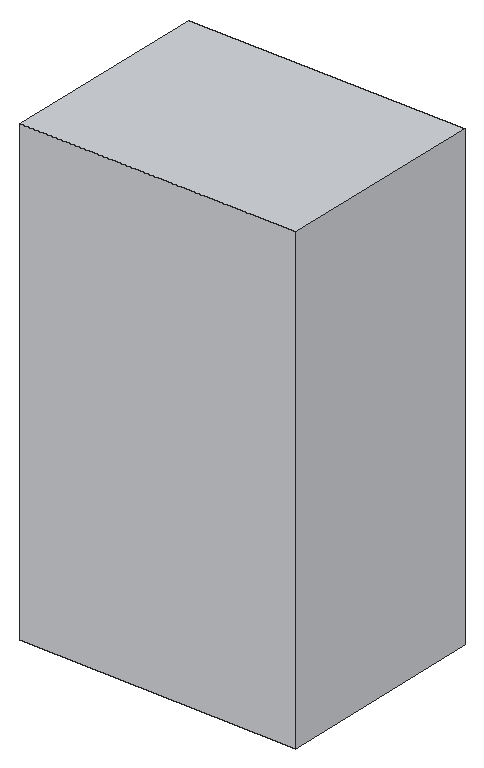
Revit family
Parameters
  Warranty Duration (Years) = 0
  Unit Length [instance] = 1' - 6"
  URL = "http://www.americanspecialties.com/viewCategories.cfm"
  Body Material = Metal - Stainless Steel
  Test Data = ""
  Trim Material = Metal - Stainless Steel
  Specification = "http://www.arcat.com/sdspecs/htm/10810asi.htm"
  SpecWizard = ""
  Send Message = "http://www.arcat.com/users.pl?action=UserEmail&company=American%20Specialties,%20Inc.&coid=30448&rep=139&fax=914-476-0688&mf="
  Sales Information = "http://www.americanspecialties.com/contact"
  Revision = "R1_10-2010"
  Product Properties = "http://www.americanspecialties.com/datasheets/7360.pdf"
  Product Data = "http://www.arcat.com/arcatcos/cos30/arc30448.html"
  Model = "As Specified in 10 28 13"
  Manufacturer Website = "http://www.americanspecialties.com/viewCategories.cfm"
  Manufacturer Phone - Toll Free = ""
  Manufacturer Phone = "914-476-9000 "
  Manufacturer Fax = "914-476-0688"
  Manufacturer Address = "441 Saw Mill River Rd., Yonkers, NY 10701"
  Manufacturer = "American Specialties, Inc."
  Maintenance Schedule (Months) = 0
  Keynote = "10 28 13"
  Installation-Fabrication = "http://www.americanspecialties.com/products.cfm"
  Green Building-LEED = ""
  Expected Lifespan (Years) = 0
  Drawn By = "Robert S. Weygant. CSI, CDT, SCIP"  # constant formula
  Description = "Toilet Accessory as Specified in 10 28 13"
  Default Elevation = 4' - 0"
  Copyright = "©Arcat Inc."
  Construction Details = "http://www.arcat.com/green/clients/leed_data_30448.html"
  Building Codes = "http://www.americanspecialties.com/products.cfm"
  Assembly Code = "C1030210"
Reference planes (in)
  plane 1 "Center (Front/Back)": y = -0.29112
  plane 2 "Floor Line": z = 0
  plane 3 "Center (Left/Right)": x = -0.65843
  plane 4: x = -8.65843
  plane 5: x = 7.34157
  plane 6: z = 0.4375
  plane 7: x = -9.65843
  plane 8: x = 8.34157
  plane 9: z = 3.25
  plane 10: x = -2.53343
  plane 11: x = 1.21657
Forms (in)
  Extrusion 1, solid
    sketch origin (-3, -9, -6) x (0, 0, -1) y (1, 0, 0)
      loop
        line (-82, 26) -> (-82, -19.34712) -> (-6, -19.34712) -> (-6, 26) -> (-82, 26)
    from 9 to -25.60721
  Extrusion 2, solid, material "Metal - Stainless Steel" <- "Body Material"
    sketch origin (4.0073, 1.98146, 0) x (1, 0, 0) y (0, 1, 0)
      loop
        arc (-13.54073, -1.27258) -> (-13.62912, -1.30919) -> (-13.66573, -1.39758) r 0.125
        line (-13.66573, -1.39758) -> (-13.66573, -3.14758)
        arc (-13.66573, -3.14758) -> (-13.62912, -3.23597) -> (-13.54073, -3.27258) r 0.125
        line (-13.54073, -3.27258) -> (-11.79073, -3.27258)
        arc (-11.79073, -3.27258) -> (-11.70234, -3.23597) -> (-11.66573, -3.14758) r 0.125
        line (-11.66573, -3.14758) -> (-11.66573, -1.39758)
        arc (-11.66573, -1.39758) -> (-11.70234, -1.30919) -> (-11.79073, -1.27258) r 0.125
        line (-11.79073, -1.27258) -> (-13.54073, -1.27258)
    from 0 to 0.4375
  Extrusion 3, solid, material "Metal - Stainless Steel" <- "Body Material"
    sketch origin (-5.32416, 1.98146, 0) x (-1, 0, 0) y (0, -1, 0)
      loop
        line (-13.54073, 1.27258) -> (-11.79073, 1.27258)
        arc (-11.79073, 1.27258) -> (-11.70234, 1.30919) -> (-11.66573, 1.39758) r 0.125
        line (-11.66573, 1.39758) -> (-11.66573, 3.14758)
        arc (-11.66573, 3.14758) -> (-11.70234, 3.23597) -> (-11.79073, 3.27258) r 0.125
        line (-11.79073, 3.27258) -> (-13.54073, 3.27258)
        arc (-13.54073, 3.27258) -> (-13.62912, 3.23597) -> (-13.66573, 3.14758) r 0.125
        line (-13.66573, 3.14758) -> (-13.66573, 1.39758)
        arc (-13.66573, 1.39758) -> (-13.62912, 1.30919) -> (-13.54073, 1.27258) r 0.125
    from 0 to 0.4375
  Extrusion 4, solid, material "Metal - Stainless Steel" <- "Body Material"
    sketch origin (0, 0, 0) x (1, 0, 0) y (0, 1, 0)
      loop
        line (-8.90843, 0.20888) -> (-8.90843, -0.79112) -> (-8.40843, -0.79112) -> (-8.40843, 0.20888) -> (-8.90843, 0.20888)
    from 0.4375 to 3.25
  Extrusion 5, solid, material "Metal - Stainless Steel" <- "Body Material"
    sketch origin (-1.31687, 0, 0) x (-1, 0, 0) y (0, -1, 0)
      loop
        line (-8.90843, -0.20888) -> (-8.40843, -0.20888) -> (-8.40843, 0.79112) -> (-8.90843, 0.79112) -> (-8.90843, -0.20888)
    from 0.4375 to 3.25
  Extrusion 6, solid, material "Metal - Stainless Steel" <- "Body Material"
    sketch origin (-0.65843, 0, 0) x (0, 1, 0) y (0, 0, 1)
      loop
        line (0.08388, 3.06076) -> (-0.66612, 3.06076) -> (-0.66612, 2.31076) -> (0.08388, 2.31076) -> (0.08388, 3.06076)
    from -8 to 8
Dimensions and locks (in)
  equal spacing: plane 8, plane 3 "Center (Left/Right)", plane 7
  "Unit Length": plane 8 to plane 7
  locked: plane 4 to plane 7 at 1
  locked: plane 5 to plane 8 at 1
  aligned and locked: plane 6 to Extrusion 2
  aligned and locked: plane 6 to Extrusion 3
  aligned and locked: Extrusion 5 to plane 6
  aligned and locked: Extrusion 4 to plane 6
  aligned and locked: Extrusion 2 to plane 7
  aligned and locked: Extrusion 3 to plane 8
  aligned and locked: plane 9 to Extrusion 4
  aligned and locked: plane 9 to Extrusion 5
  aligned and locked: Extrusion 6 to plane 4
  aligned and locked: plane 5 to Extrusion 6
Automatic sketch dimensions
  Extrusion 1 sketch curve to Extrusion 1 sketch curve = 6' - 4"
  Extrusion 1 sketch curve to Extrusion 1 sketch curve = 3' - 9.34712"
  Extrusion 2 sketch curve to plane 7 = 0' - 0"
  plane 7 to Extrusion 2 sketch curve = 0' - 0 1/8"  (x2)
  plane 4 to Extrusion 2 sketch curve = 0' - 0 7/8"  (x2)
  Extrusion 2 sketch curve to Extrusion 2 sketch curve = 0' - 0 1/8"
  plane 1 "Center (Front/Back)" to Extrusion 2 sketch curve = 0' - 1"
  Extrusion 2 sketch curve to plane 1 "Center (Front/Back)" = 0' - 0 7/8"
  Extrusion 3 sketch curve to plane 8 = 0' - 0"
  Extrusion 3 sketch curve to plane 8 = 0' - 0 1/8"  (x2)
  plane 5 to Extrusion 3 sketch curve = 0' - 0 7/8"  (x2)
  Extrusion 3 sketch curve to Extrusion 3 sketch curve = 0' - 0 1/8"
  Extrusion 3 sketch curve to plane 1 "Center (Front/Back)" = 0' - 1"
  plane 1 "Center (Front/Back)" to Extrusion 3 sketch curve = 0' - 0 7/8"
  Extrusion 4 sketch curve to plane 4 = 0' - 0 1/4"
  plane 4 to Extrusion 4 sketch curve = 0' - 0 1/4"
  plane 1 "Center (Front/Back)" to Extrusion 4 sketch curve = 0' - 0 1/2"
  Extrusion 4 sketch curve to plane 1 "Center (Front/Back)" = 0' - 0 1/2"
  Extrusion 5 sketch curve to plane 5 = 0' - 0 1/4"
  plane 5 to Extrusion 5 sketch curve = 0' - 0 1/4"
  Extrusion 5 sketch curve to plane 1 "Center (Front/Back)" = 0' - 0 1/2"
  plane 1 "Center (Front/Back)" to Extrusion 5 sketch curve = 0' - 0 1/2"
  Extrusion 6 sketch curve to plane 1 "Center (Front/Back)" = 0' - 0 3/8"
  Extrusion 6 sketch curve to Extrusion 6 sketch curve = 0' - 0 3/4"  (x2)
  Extrusion 6 sketch curve to plane 9 = 0' - 0.93924"
